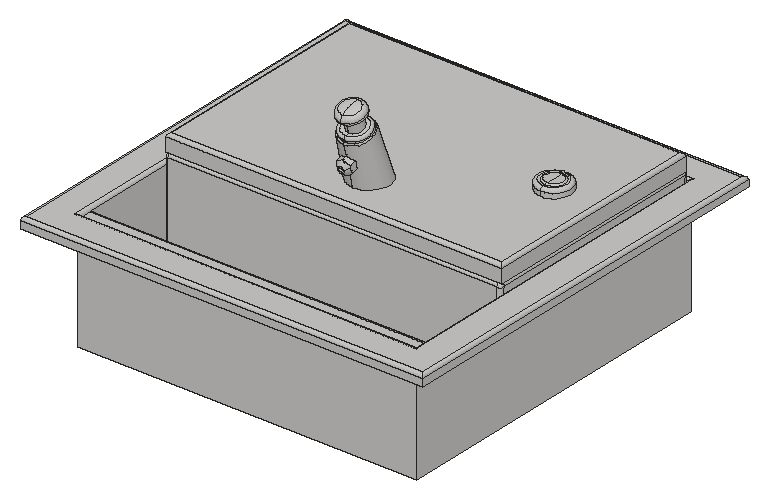
Revit family "PRD_AR_SpDspnsrs_RODANSoapDispenser_RODX619E", category Specialty Equipment, host Face, Revit 2018
Family settings
  Host = Face
  Round Connector Dimension = Use Diameter
  Part Type = Normal
  OmniClass Number = 23.40.20.21.34
  OmniClass Title = Soap Holders, Dispensers
  Cut with Voids When Loaded = Yes
  Shared = No
  Room Calculation Point = No
Parameters (values of type "RODX619E")
  WarrantyStartDate [instance] = "1900-12-31T23:59:59"
  WarrantyGuarantorParts = "n/a"
  WarrantyGuarantorLabor = "n/a"
  WarrantyDurationUnit = "year"
  WarrantyDurationParts = "n/a"
  WarrantyDurationLabor = "n/a"
  WarrantyDescription = "n/a"
  Version = "1"
  Uniclass2015Version = "Products v1.17"
  Uniclass2015Title = "Soap dispenser"
  Uniclass2015Code = "Pr_40_70_22_81"
  URL = "www.kwc.com"
  TypeOfSoapContainer = "Integrated refillable tank"
  TypeOfOperation = "Manual operation"
  TypeOfMounting = "Recessed mounting"
  TypeOfFixing = "Screw"
  TypeOfConsumable = "Liquid soap"
  TagNumber [instance] = "n/a"
  SustainabilityPerformance = "n/a"
  Style = "Dispenser"
  Size = "241 x 243 x 132 mm"
  Shape = "n/a"
  SerialNumber [instance] = "n/a"
  Revision = "n/a"
  ReplacementCost = "n/a"
  ProductInformation = "https://pim.kwc.com/product/2000090069/attachment/datasheet?locale=en"
  Offset = 0 mm
  NominalWidth = 241 mm
  NominalHeight = 243 mm
  NominalDepth = 132 mm
  NetWeight = 1.85 kg
  Name = "Soap dispenser RODX619E"
  NBSTypeID = "n/a"
  NBSReference = "45-35-72/358"
  NBSOfficeMasterTag = "n/a"
  NBSNote = "n/a"
  NBSDescription = "Soap dispensers"
  NBSCertification = "n/a"
  ModelReference = "RODX619E"
  ModelNumber = "2000090069"
  Model = ModelReference  # "RODX619E"
  MaterialThickness = "0.80 mm"
  MaterialCode = "1.4301"
  Material = "Stainless steel"
  ManufacturerURL = "www.kwc.com"
  ManufacturerName = "KWC Group AG"  # constant formula
  Manufacturer = ManufacturerName  # "KWC Group AG"
  MainColor = "Stainless steel"
  Lock = "Key-lock"
  IsBuiltIn = "TRUE"
  IntegralAccessories = "incl. stainless steel screws and dowels"
  InstallationDate [instance] = "1900-12-31T23:59:59"
  IfcExportType = "USERDEFINED"
  IfcExportAs = "IfcFurnitureType"
  GrossWeight = 2.08 kg
  Grade = "n/a"
  Finish = "Satin finished"
  FillingQuantityUom = "Liter"
  FillingQuantity = "1"
  Features = "stainless steel, satin finished"
  ExpectedLife = "n/a"
  DurationUnit = "year"
  DispenserMaterial = PRD_AR_StainlessSteel_SatinFinished
  Description = "Soap dispenser for recessed mounting, stainless steel, surface satin finished, material thickness 0.8 mm, folded front cover, cylinder lock with KWC standard key, suitable for liquid soaps and lotions, 1 liter soap tank, push button on front, includes stainless steel screws and dowels."
  Default Elevation = 850 mm
  CreatedOn = "05/2020"  # constant formula
  Constituents = "n/a"
  Color = "n/a"
  CodePerformance = "n/a"
  Category = "Pr_40_70_22_81, Soap dispensers"
  BarCode [instance] = "n/a"
  BIMObjectName = "PRD_AR_SoapDispensers_RODANSoapDispenser_RODX619E"
  Author = "Archispace"  # constant formula
  AssetType = "Fixed"
  AssetIdentifier [instance] = "n/a"
  AccessibilityPerformance = "n/a"
Reference planes
  plane 1 "Center (Front/Back)": y = 0
  plane 2: z = 0
  plane 3 "Center (Left/Right)": x = 0
  plane 4: z = 0
Forms (mm)
  Extrusion 1, void
    sketch origin (0, 0, 0) x (0, 1, 0) y (0, 0, 1)
      loop
        line (102.5, 0) -> (-102.5, 0) -> (-102.5, -65) -> (102.5, -65) -> (102.5, 0)
    from -101.5 to 101.5
Dimensions and locks
  "Offset": plane 4 to level
  aligned and locked: plane 2 to host face
  aligned and locked: level to host face
  aligned and locked: plane 4 to Extrusion 1
  aligned and locked: plane 4 to nested 1
Automatic sketch dimensions
  host sketch curve to host sketch curve = 527.678 mm
  host sketch curve to host sketch curve = 523.508 mm
  Extrusion 1 sketch curve to level = 0 mm
  plane 1 "Center (Front/Back)" to Extrusion 1 sketch curve = 102.5 mm
  Extrusion 1 sketch curve to plane 1 "Center (Front/Back)" = 102.5 mm
  Extrusion 1 sketch curve to level = 65 mm
Nested families
  nested 1: "RODX619E" at (0, 0, -65), type "RODX619E"
Definition of nested family "RODX619E"
  Parameters (values of type "RODX619E")
    Material = none
  Reference planes
    plane 1 "Center (Front/Back)": y = 0
    plane 2: z = 0
    plane 3 "Center (Left/Right)": x = 0
    plane 4: x = 120.527
  Forms (mm)
    Extrusion 1, solid, material <- "Material", detail levels fine
      sketch origin (0, 40.8, 0) x (1, 0, 0) y (0, 1, 0)
        loop
          line (-120.5, 80.7) -> (-120.5, -162.3) -> (120.5, -162.3) -> (120.5, 80.7) -> (-120.5, 80.7)
        loop
          line (-100.5, 60.7) -> (-100.5, -142.3) -> (100.5, -142.3) -> (100.5, 60.7) -> (-100.5, 60.7)
      from 65 to 71
    Extrusion 2, solid, material <- "Material", detail levels fine
      sketch origin (0, 40.8, 0) x (0, 1, 0) y (0, 0, 1)
        loop
          line (-143.3, 0) -> (61.7, 0) -> (61.7, 65) -> (-143.3, 65) -> (-143.3, 0)
      from -101.5 to 101.5
    Sweep 3, void
      path in 3D
        loop
          line (-100.5, 101.5, 71) -> (100.5, 101.5, 71) -> (100.5, -101.5, 71) -> (-100.5, -101.5, 71) -> (-100.5, 101.5, 71)
      profile origin (-100.5, 0, 71) x (-1, 0, 0) y (0, 0, 1)
        loop
          line (0, 0) -> (0, -2)
          arc (0, -2) -> (0.586, -0.586) -> (2, 0) r 2
          line (2, 0) -> (0, 0)
    Sweep 4, void
      path in 3D
        loop
          line (-120.5, 121.5, 71) -> (-120.5, -121.5, 71) -> (120.5, -121.5, 71) -> (120.5, 121.5, 71) -> (-120.5, 121.5, 71)
      profile origin (0, 121.5, 71) x (0, -1, 0) y (0, 0, 1)
        loop
          line (0, 0) -> (0, -2)
          arc (0, -2) -> (0.586, -0.586) -> (2, 0) r 2
          line (2, 0) -> (0, 0)
    Extrusion 5, solid, material <- "Material", detail levels fine
      sketch origin (0, 0, 0) x (1, 0, 0) y (0, 1, 0)
        loop
          line (-100.473, 99.4) -> (-100.473, -36.427)
          arc (-100.473, -36.427) -> (-99.858, -37.912) -> (-98.373, -38.527) r 2.1
          line (-98.373, -38.527) -> (98.4, -38.527)
          arc (98.4, -38.527) -> (99.885, -37.912) -> (100.5, -36.427) r 2.1
          line (100.5, -36.427) -> (100.5, 99.4)
          arc (100.5, 99.4) -> (99.885, 100.885) -> (98.4, 101.5) r 2.1
          line (98.4, 101.5) -> (-98.373, 101.5)
          arc (-98.373, 101.5) -> (-99.858, 100.885) -> (-100.473, 99.4) r 2.1
      from 0.8 to 76
    Extrusion 6, solid, material <- "Material", detail levels fine
      sketch origin (0, 0, 0) x (1, 0, 0) y (0, 1, 0)
        loop
          line (-100.473, 99.5) -> (-100.473, -37.527) -> (100.5, -37.527) -> (100.5, 99.5) -> (-100.473, 99.5)
      from 76 to 86
    Sweep 7, void
      path in 3D
        loop
          arc (-100.473, -36.427, 76) -> (-99.858, -37.912, 76) -> (-98.373, -38.527, 76) r 2.1
          line (-98.373, -38.527, 76) -> (98.4, -38.527, 76)
          arc (98.4, -38.527, 76) -> (99.885, -37.912, 76) -> (100.5, -36.427, 76) r 2.1
          line (100.5, -36.427, 76) -> (100.5, 99.4, 76)
          arc (100.5, 99.4, 76) -> (99.885, 100.885, 76) -> (98.4, 101.5, 76) r 2.1
          line (98.4, 101.5, 76) -> (-98.373, 101.5, 76)
          arc (-98.373, 101.5, 76) -> (-99.858, 100.885, 76) -> (-100.473, 99.4, 76) r 2.1
          line (-100.473, 99.4, 76) -> (-100.473, -36.427, 76)
      profile origin (-100.473, 31.487, 76) x (1, 0, 0) y (0, 0, 1)
        loop
          line (0, 0) -> (0, -2)
          arc (0, -2) -> (0.586, -0.586) -> (2, 0) r 2
          line (2, 0) -> (0, 0)
    Sweep 8, void
      path in 3D
        loop
          line (100.5, -37.527, 86) -> (100.5, 99.5, 86) -> (-100.473, 99.5, 86) -> (-100.473, -37.527, 86) -> (100.5, -37.527, 86)
      profile origin (0.014, -37.527, 86) x (0, 1, 0) y (0, 0, 1)
        loop
          line (0, 0) -> (0, -2)
          arc (0, -2) -> (0.586, -0.586) -> (2, 0) r 2
          line (2, 0) -> (0, 0)
    Extrusion 9, void
      sketch origin (0, 0, 0) x (0, 1, 0) y (0, 0, 1)
        loop
          line (-92.5, 65) -> (-92.5, 21.689)
          arc (-92.5, 21.689) -> (-92.323, 21.122) -> (-91.856, 20.755) r 1
          line (-91.856, 20.755) -> (-39.527, 0.8) -> (101.5, 0.8) -> (101.5, 65) -> (-92.5, 65)
      from -100.5 to 100.5
    Revolve 10, solid, material <- "Material", detail levels fine
      sketch origin (73.527, -170, -25.5) x (0, 1, 0) y (0, 0, 1)
        loop
          line (205, 111.5) -> (215, 111.5) -> (215, 114.266)
          arc (215, 114.266) -> (214.414, 115.68) -> (213, 116.266) r 2
          line (213, 116.266) -> (211.324, 116.266)
          arc (211.324, 116.266) -> (210.966, 116.585) -> (210.5, 116.7) r 1
          line (210.5, 116.7) -> (205, 116.7) -> (205, 111.5)
        axis (205, 116.7) -> (205, 111.5)
      angle from 0 to 360
    Revolve 11, solid, material <- "Material", detail levels fine
      sketch origin (0, 0, 0) x (0, 1, 0) y (0, 0, 1)
        loop
          arc (-25.735, 130.681) -> (-28.453, 129.594) -> (-31.002, 128.155) r 22
          arc (-31.002, 128.155) -> (-32.187, 126.641) -> (-32.21, 124.719) r 3
          line (-32.21, 124.719) -> (-31.891, 123.739) -> (-28.943, 124.697) -> (-26.395, 116.855) -> (-28.868, 116.052)
          arc (-28.868, 116.052) -> (-29.741, 115.306) -> (-29.831, 114.162) r 1.5
          line (-29.831, 114.162) -> (-29.491, 113.116)
          arc (-29.491, 113.116) -> (-29.945, 112.75) -> (-30.019, 112.172) r 0.781
          line (-30.019, 112.172) -> (-21.227, 78.447) -> (-9.953, 82.11) -> (-25.735, 130.681)
        axis (-25.735, 130.681) -> (-9.953, 82.11)
      angle from 0 to 360
    Extrusion 12, solid, material <- "Material", detail levels fine
      sketch origin (0, -17.625, 73.36) x (0, 0.309017, -0.951057) y (-1, 0, 0)
        loop
          line (-33.595, 0) -> (-31.22, -4.114) -> (-26.47, -4.114) -> (-24.095, 0) -> (-26.47, 4.114) -> (-31.22, 4.114) -> (-33.595, 0)
      from 3.108 to -5.7
    Sweep 13, void
      path origin (0, -30.407, 94.255) x (0, 0.309017, -0.951057) y (-1, 0, 0)
        loop
          circle (-5.023, 0) r 4.75
      profile origin (1.536, -30.571, 94.758) x (-0.323466, -0.292404, 0.899928) y (0, 0.951057, 0.309017)
        loop
          line (0, 0) -> (2.6, 0) -> (0, 2.7) -> (0, 0)
    Sweep 14, void
      path origin (0, 0, 0) x (0, 1, 0) y (0, 0, 1)
        loop
          line (-31.96, 99.032) -> (-26.539, 100.794)
      profile origin (0, -29.249, 99.913) x (0, -0.309017, 0.951057) y (1, 0, 0)
        loop
          circle (0, 0) r 1.5
    Sweep 15, solid, material <- "Material", detail levels fine
      path origin (0, 0, 0) x (0, 1, 0) y (0, 0, 1)
        loop
          line (87.473, 75.1) -> (-25.527, 75.1)
      profile origin (0, 30.973, 75.1) x (0, 0, -1) y (1, 0, 0)
        loop
          circle (0, -100.473) r 0.9
    Extrusion 16, solid, material <- "Material", detail levels fine
      sketch origin (0, 0, 0) x (0, 1, 0) y (0, 0, 1)
        loop
          line (-101.5, 69) -> (-101.5, 65) -> (-92.5, 65) -> (-92.5, 67)
          arc (-92.5, 67) -> (-93.086, 68.414) -> (-94.5, 69) r 2
          line (-94.5, 69) -> (-101.5, 69)
      from -100.5 to 100.5
    Extrusion 17, solid, material <- "Material", detail levels medium
      sketch origin (0, 40.8, 0) x (0, 1, 0) y (0, 0, 1)
        loop
          line (-143.3, 0) -> (61.7, 0) -> (61.7, 65) -> (-143.3, 65) -> (-143.3, 0)
      from -101.5 to 101.5
    Revolve 18, solid, material <- "Material", detail levels medium
      sketch origin (0, 0, 0) x (0, 1, 0) y (0, 0, 1)
        loop
          line (-25.735, 130.681) -> (-34.132, 127.953) -> (-21.227, 78.447) -> (-9.953, 82.11) -> (-25.735, 130.681)
        axis (-25.735, 130.681) -> (-9.953, 82.11)
      angle from 0 to 360
    Extrusion 19, solid, material <- "Material", detail levels medium
      sketch origin (0, -17.625, 73.36) x (0, 0.309017, -0.951057) y (-1, 0, 0)
        loop
          circle (-28.845, 0) r 4.75
      from 3.108 to -5.7
    Revolve 20, solid, material <- "Material", detail levels medium
      sketch origin (73.527, -170, -25.5) x (0, 1, 0) y (0, 0, 1)
        loop
          line (205, 111.5) -> (215, 111.5) -> (215, 116.7) -> (205, 116.7) -> (205, 111.5)
        axis (205, 116.7) -> (205, 111.5)
      angle from 0 to 360
    Extrusion 21, solid, material <- "Material", detail levels medium
      sketch origin (0, 40.8, 0) x (1, 0, 0) y (0, 1, 0)
        loop
          line (-120.5, 80.7) -> (-120.5, -162.3) -> (120.5, -162.3) -> (120.5, 80.7) -> (-120.5, 80.7)
        loop
          line (-100.5, 60.7) -> (-100.5, -142.3) -> (100.5, -142.3) -> (100.5, 60.7) -> (-100.5, 60.7)
      from 65 to 71
    Extrusion 22, solid, material <- "Material", detail levels medium
      sketch origin (0, 0, 0) x (1, 0, 0) y (0, 1, 0)
        loop
          line (-100.473, 101.5) -> (-100.473, -38.527) -> (100.5, -38.527) -> (100.5, 101.5) -> (-100.473, 101.5)
      from 0.8 to 76
    Extrusion 23, solid, material <- "Material", detail levels medium
      sketch origin (0, 0, 0) x (1, 0, 0) y (0, 1, 0)
        loop
          line (-100.473, 99.5) -> (-100.473, -37.527) -> (100.5, -37.527) -> (100.5, 99.5) -> (-100.473, 99.5)
      from 76 to 86
    Extrusion 24, void
      sketch origin (0, 0, 0) x (0, 1, 0) y (0, 0, 1)
        loop
          line (101.5, 65) -> (-92.5, 65) -> (-92.5, 21) -> (-39.527, 0.8) -> (101.5, 0.8) -> (101.5, 65)
      from -100.5 to 100.5
    Extrusion 25, solid, material <- "Material", detail levels medium
      sketch origin (0, 0, 0) x (0, 1, 0) y (0, 0, 1)
        loop
          line (-101.5, 69) -> (-101.5, 65) -> (-92.5, 65) -> (-92.5, 69) -> (-101.5, 69)
      from -100.5 to 100.5
    Extrusion 26, solid, material <- "Material", detail levels coarse
      sketch origin (0, 40.8, 0) x (0, 1, 0) y (0, 0, 1)
        loop
          line (-143.3, 0) -> (61.7, 0) -> (61.7, 65) -> (-143.3, 65) -> (-143.3, 0)
      from -101.5 to 101.5
    Extrusion 27, solid, material <- "Material", detail levels coarse
      sketch origin (0, 40.8, 0) x (1, 0, 0) y (0, 1, 0)
        loop
          line (-120.5, 80.7) -> (-120.5, -162.3) -> (120.5, -162.3) -> (120.5, 80.7) -> (-120.5, 80.7)
      from 65 to 71
    Extrusion 28, solid, material <- "Material", detail levels coarse
      sketch origin (0, 0, 0) x (1, 0, 0) y (0, 1, 0)
        loop
          line (-100.473, 101.5) -> (-100.473, -38.527) -> (100.5, -38.527) -> (100.5, 101.5) -> (-100.473, 101.5)
      from 71 to 86
    Extrusion 29, solid, material <- "Material", detail levels coarse
      sketch origin (0, 0, 0) x (0, 1, 0) y (0, 0, 1)
        loop
          line (1.295, 86) -> (1.295, 133.41) -> (-34.132, 133.41) -> (-34.132, 86) -> (1.295, 86)
      from -11.5 to 11.5
  Cuts and joins
    Sweep 3, Sweep 4 cuts Extrusion 1
    Extrusion 9 cuts Extrusion 2
    joined: Extrusion 1, Extrusion 2, Extrusion 16
    Sweep 7 cuts Extrusion 5
    joined: Extrusion 5, Sweep 15
    Sweep 8 cuts Extrusion 6
    Sweep 13, Sweep 14 cuts Extrusion 12
    joined: Extrusion 6, Revolve 11, Extrusion 12
    joined: Revolve 18, Extrusion 19, Extrusion 23
    Extrusion 24 cuts Extrusion 17
    joined: Extrusion 17, Extrusion 25
  Lines and regions (mm)
    sketch lines
      curve 1: line (120.5, 121.5, 71) -> (-120.5, 121.5, 71)
      curve 2: line (-120.5, 121.5, 71) -> (-120.5, -121.5, 71)
      curve 3: line (-120.5, -121.5, 71) -> (120.5, -121.5, 71)
      curve 4: line (120.5, -121.5, 71) -> (120.5, 121.5, 71)
      curve 5: line (-100.5, -101.5, 71) -> (-100.5, 101.5, 71)
      curve 6: line (100.5, -101.5, 71) -> (-100.5, -101.5, 71)
      curve 7: line (100.5, 101.5, 71) -> (100.5, -101.5, 71)
      curve 8: line (-100.5, 101.5, 71) -> (100.5, 101.5, 71)
      curve 9: line (-100.473, 99.4, 76) -> (-100.473, -36.427, 76)
      curve 10: arc (-98.373, -38.527, 76) -> (-99.858, -37.912, 76) -> (-100.473, -36.427, 76) r 2.1
      curve 11: line (-98.373, -38.527, 76) -> (98.4, -38.527, 76)
      curve 12: arc (100.5, -36.427, 76) -> (99.885, -37.912, 76) -> (98.4, -38.527, 76) r 2.1
      curve 13: line (100.5, -36.427, 76) -> (100.5, 99.4, 76)
      curve 14: arc (98.4, 101.5, 76) -> (99.885, 100.885, 76) -> (100.5, 99.4, 76) r 2.1
      curve 15: line (98.4, 101.5, 76) -> (-98.373, 101.5, 76)
      curve 16: arc (-100.473, 99.4, 76) -> (-99.858, 100.885, 76) -> (-98.373, 101.5, 76) r 2.1
      curve 17: line (-100.473, -37.527, 86) -> (100.5, -37.527, 86)
      curve 18: line (-100.473, 99.5, 86) -> (-100.473, -37.527, 86)
      curve 19: line (100.5, 99.5, 86) -> (-100.473, 99.5, 86)
      curve 20: line (100.5, -37.527, 86) -> (100.5, 99.5, 86)
  Dimensions and locks
    aligned and locked: level to plane 2
